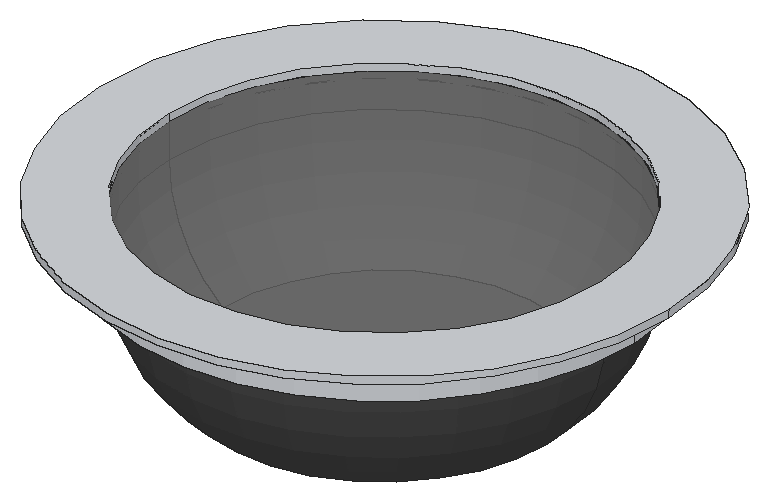
Revit family "3031842 Lighting Fixture_Sylvania_Syl-Lighter II_Ceiling Recessed", category Lighting Fixtures, host Face, Revit 2017
Family settings
  Host = Face
  Round Connector Dimension = Use Diameter
  Part Type = Normal
  OmniClass Number = 23.80.70.11.17
  OmniClass Title = Specialized Lighting by Location or Use
  Cut with Voids When Loaded = No
  Light Source = Yes
  Shared = No
  Room Calculation Point = No
Parameters (values of type "Syl-Lighter LED II 165 RO 12W NW DALI")
  Weight = 0.45 kg
  Wattage = 11.8589 W
  built-in parameter 1150110 = 1 (stored number, unit not read)
  Voltage Comments = "UNV (Universal Voltage; 220-240 Volt)"  # constant formula
  Voltage = 240 V  # constant formula
  URL = "http://www.sylvania-lighting.com"
  built-in parameter 1114217 = 1 (stored number, unit not read)
  Tilt Angle = -90.00°  # constant formula
  built-in parameter 1150109 = 1 (stored number, unit not read)
  built-in parameter 1150134 = 12
  Ta Rating = "-10°C to +40°C"  # constant formula
  built-in parameter 1150113 = 1 (stored number, unit not read)
  Recessed Depth = Height  # 45.0 mm
  IP Rating = "IP44"  # constant formula
  IK Rating = "IK07"  # constant formula
  Energy Class = "A++, A+, A"  # constant formula
  Dimmable = "DALI"  # constant formula
  Catalog Number = "3031842 Syl-Lighter LED II 165 RO 14W NW DALI"
  Body Material = Metal_Sylvania_Syl-Lighter LED II_Silver
  Product Page URL = "http://www.sylvania-lighting.com/product/en-int/products/3031842"
  Product Family = "SYL-LIGHTER LED II"  # constant formula
  Photometry Comments = ""
  Photometric Web File = "3031842.ies"
  built-in parameter 1150105 = 93.106 (stored number, unit not read)
  Lumens = 1170 lm
  built-in parameter 1150115 = 1 (stored number, unit not read)
  built-in parameter 1150137 = (empty or 0)
  built-in parameter 1150139 = (empty or 0)
  Life = "50 000h"  # constant formula
  built-in parameter 1150112 = 1 (stored number, unit not read)
  built-in parameter 1150114 = 1 (stored number, unit not read)
  Lamp Comments = "Integrated LED"
  built-in parameter 1150132 = 2
  built-in parameter 1150102 = (empty or 0)
  built-in parameter 1150107 = 4000 (stored number, unit not read)
  built-in parameter 1150138 = (empty or 0)
  built-in parameter 1150106 = 0.93106 (stored number, unit not read)
  Glow Wire Test = 650 °C  # constant formula
  Emit from Circle Diameter = Diffuser Diameter  # 125.0 mm
  Emit Shape Visible in Rendering = no
  built-in parameter 1150104 = 9.1658 (stored number, unit not read)
  Drive Current = "300mA"
  Dimming Lamp Color Temperature Shift = <None>
  Diffuser Radius = Diffuser Diameter / 2  # 62.5 mm
  Diffuser Diameter = Diameter - 20.0 mm  # 125.0 mm
  Inner Diameter = Diameter - 4.0 mm  # 141.0 mm
  Cutout Diameter = Diameter  # 145.0 mm
  Color Filter = 16777215
  Beam Angle = 74.00°
  built-in parameter 1114218 = 1 (stored number, unit not read)
  built-in parameter 1150133 = 10 (stored number, unit not read)
  Height = 45.0 mm
  Electrical Protection = "CLASS II"  # constant formula
  built-in parameter 1114216 [instance] = 1 (stored number, unit not read)
  Model = "Syl-Lighter LED II 165 RO 14W NW DALI"
  Manufacturer = "Feilo Sylvania"  # constant formula
  Lamp = "LED"
  Diffuser Material = Polycarbonate_Sylvania_Syl-Lighter LED II_Opal
  Description = "Ceiling recessed IP44 LED downlight, perfect where limited ceiling void is available with only 45mm product depth and 145mm cutout. Ideal replacement for 1x26W CFL downlights. The polycarbonate diffuser allows for a wider light distribution and increased spacings between luminiares. Loop in loop out connector allows for quick installation. Die-cast aluminium body, 1170LM, 14W, 84lm/W, 4000K, Driver Current: 300mA, CRI80, 74° beam angle, Dali dimmable LED driver, IP44, IK07, 50,000 hrs (L70), (HxW) 45x165mm, 5 step MacAdam ellipse, 0.38kg, RAL9003, Class 2, 220-240V, energy class: A++, A+, A"  # constant formula
  Default Elevation = 0.0 mm
  built-in parameter 1140040 [instance] = 1
  Assembly Code = "D5020200"
  Apparent Load Comments = ""
  Apparent Load = 14 VA
  Accessory Radius = Accessory Diameter / 2  # 82.5 mm
  Accessory Material = Aluminum_Sylvania_Syl-Lighter LED II_White_RAL 9003
  Diameter = 145.0 mm
  Accessory Diameter = 165.0 mm
Reference planes
  plane 1 "Center (Front/Back)": y = 0
  plane 2: z = 0
  plane 3 "Center (Left/Right)": x = 0
  plane 4 "Fixture Bottom": z = 2
  plane 5: z = -10
  plane 6 "Fixture Top": z = -45
  plane 7: z = -2
Forms (mm)
  Extrusion 1, void
    sketch origin (0, 0, 58) x (-1, 0, 0) y (0, -1, 0)
      loop
        circle (0, 0) r 72.5
    from -171 to -55
  Extrusion 2, solid, detail levels fine
    sketch origin (0, 0, 58) x (-1, 0, 0) y (0, -1, 0)
      loop
        circle (0, 0) r 72.5
      loop
        circle (0, 0) r 70.5
    from -68 to -58
  Extrusion 3, solid, detail levels fine
    sketch origin (0, 0, 58) x (-1, 0, 0) y (0, -1, 0)
      loop
        circle (0, 0) r 82.5
      loop
        circle (0, 0) r 62.5
    from -58 to -56
  Extrusion 4, solid, material "Polycarbonate_Sylvania_Syl-Lighter LED II_Opal" <- "Diffuser Material", detail levels fine
    sketch origin (0, 0, 58) x (-1, 0, 0) y (0, -1, 0)
      loop
        circle (0, 0) r 62.5
    from -60 to -58
  Revolve 5, solid, material "Metal_Sylvania_Syl-Lighter LED II_Silver" <- "Body Material", detail levels fine
    sketch origin (0, 0, 0) x (1, 0, 0) y (0, 0, 1)
      loop
        line (-62.5, 0) -> (-64.5, 0) -> (-64.5, -10)
        arc (-64.5, -10) -> (-60.025, -29.455) -> (-47.5, -45) r 44.529
        line (-47.5, -45) -> (0, -45) -> (0, -43) -> (-46.799, -43)
        arc (-46.799, -43) -> (-58.375, -28.272) -> (-62.5, -10) r 42.529
        line (-62.5, -10) -> (-62.5, 0)
      axis (0, -45) -> (0, 0)
    angle from 0 to 360
  Revolve 6, solid, material "Aluminum_Sylvania_Syl-Lighter LED II_White_RAL 9003" <- "Accessory Material", detail levels coarse+medium
    sketch origin (0, 0, 0) x (1, 0, 0) y (0, 0, 1)
      loop
        line (-82.5, 2) -> (-82.5, 0) -> (-75, 0) -> (-75, -10) -> (-67, -10)
        arc (-67, -10) -> (-62.525, -29.455) -> (-50, -45) r 44.529
        line (-50, -45) -> (0, -45) -> (0, 2) -> (-82.5, 2)
      axis (0, 2) -> (0, -45)
    angle from 0 to 360
Cuts and joins
  joined: Extrusion 2, Extrusion 3
Lines and regions (mm)
  Masking region 1
    outline origin (0, 0, 58) x (-1, 0, 0) y (0, -1, 0)
      loop
        circle (0, 0) r 82.5
  symbolic lines, detail levels fine
    curve 1: arc (-62.5, 0, 58) -> (0, 62.5, 58) -> (62.5, 0, 58) r 62.5
    curve 2: arc (62.5, 0, 58) -> (0, -62.5, 58) -> (-62.5, 0, 58) r 62.5
Dimensions and locks
  locked: plane 4 "Fixture Bottom" to plane 2 at 2
  locked: plane 2 to plane 5 at 10
  "Height": plane 2 to plane 6 "Fixture Top"
  locked: plane 2 to plane 7 at 2
  "Diffuser Radius": plane 3 "Center (Left/Right)" to Revolve 5 sketch curve
  locked: Revolve 5 sketch curve to Revolve 5 sketch curve at 2
  locked: Revolve 5 sketch curve to Revolve 5 sketch curve at 15
  "Accessory Radius": plane 3 "Center (Left/Right)" to Revolve 6 sketch curve
  Revolve 6 sketch curve to Revolve 6 sketch curve to Revolve 6 sketch curve to Revolve 6 sketch curve = 7.5 mm locked, 8.0 mm locked, 17.0 mm locked
  "Cutout Diameter": diameter of Extrusion 1 sketch curve
  "Diameter": diameter of Extrusion 2 sketch curve
  "Inner Diameter": diameter of Extrusion 2 sketch curve
  "Accessory Diameter": diameter of Extrusion 3 sketch curve
  "Diffuser Diameter": diameter of Extrusion 3 sketch curve
  "Diffuser Diameter": diameter of Extrusion 4 sketch curve
  "Accessory Diameter": diameter of Masking region 1 sketch curve
  aligned and locked: host face to plane 2
  aligned and locked: host face to level
  aligned and locked: plane 4 "Fixture Bottom" to Extrusion 3
  aligned and locked: Extrusion 3 to plane 2
  aligned and locked: Extrusion 2 to plane 5
  aligned and locked: plane 2 to Extrusion 2
  aligned and locked: Extrusion 4 to plane 7
  aligned and locked: plane 2 to Extrusion 4
  aligned and locked: Revolve 5 sketch curve to plane 2
  aligned and locked: plane 5 to Revolve 5 sketch curve  (x2)
  aligned and locked: Revolve 5 sketch curve to plane 3 "Center (Left/Right)"
  aligned and locked: plane 3 "Center (Left/Right)" to Revolve 5 sketch curve
  aligned and locked: Revolve 6 sketch curve to plane 5
  aligned and locked: Revolve 6 sketch curve to plane 2
  aligned and locked: Revolve 6 sketch curve to plane 4 "Fixture Bottom"
  aligned and locked: plane 3 "Center (Left/Right)" to Revolve 6 sketch curve
  aligned and locked: Revolve 6 sketch curve to plane 3 "Center (Left/Right)"
  aligned and locked: plane 3 "Center (Left/Right)" to imposter light
  aligned and locked: imposter light to plane 1 "Center (Front/Back)"
  aligned and locked: imposter light to plane 4 "Fixture Bottom"
  aligned and locked: curve 1 to cut or joined group of Extrusion 2, Extrusion 3
Automatic sketch dimensions
  host sketch curve to host sketch curve = 700.0 mm
  host sketch curve to host sketch curve = 620.0 mm
  plane 1 "Center (Front/Back)" to Extrusion 1 sketch curve = 0.0 mm
  Extrusion 1 sketch curve to plane 3 "Center (Left/Right)" = 0.0 mm
  Extrusion 2 sketch curve to Extrusion 2 sketch curve = 0.0 mm  (x2)
  plane 1 "Center (Front/Back)" to Extrusion 2 sketch curve = 0.0 mm
  Extrusion 2 sketch curve to plane 3 "Center (Left/Right)" = 0.0 mm
  Extrusion 3 sketch curve to Extrusion 3 sketch curve = 0.0 mm  (x2)
  plane 1 "Center (Front/Back)" to Extrusion 3 sketch curve = 0.0 mm
  Extrusion 3 sketch curve to plane 3 "Center (Left/Right)" = 0.0 mm
  plane 1 "Center (Front/Back)" to Extrusion 4 sketch curve = 0.0 mm
  Extrusion 4 sketch curve to plane 3 "Center (Left/Right)" = 0.0 mm
  Revolve 5 sketch curve to Revolve 5 sketch curve = 0.0 mm
  Revolve 5 sketch curve to plane 6 "Fixture Top" = 0.0 mm
  plane 6 "Fixture Top" to Revolve 5 sketch curve = 2.0 mm
  Revolve 5 sketch curve to Revolve 5 sketch curve = 17.111 mm
  plane 4 "Fixture Bottom" to Revolve 5 sketch curve = 20.889 mm
  Revolve 6 sketch curve to plane 6 "Fixture Top" = 0.0 mm
  Revolve 6 sketch curve to plane 6 "Fixture Top" = 63.885 mm
  Revolve 6 sketch curve to Revolve 6 sketch curve = 84.115 mm
  plane 1 "Center (Front/Back)" to Masking region 1 sketch curve = 0.0 mm
  Masking region 1 sketch curve to plane 3 "Center (Left/Right)" = 0.0 mm
Connectors
  electrical at (0, 0, -45), driven by "Apparent Load", driven by "Voltage"
    settings: on Revolve 5, index 1, voltage 240 V, apparent load 0 VA, apparent load phase1 14 VA, apparent load phase2 0 VA, apparent load phase3 0 VA, power factor 1, load classification "Lighting", number of poles 1, system type 31, power factor state 1, is connector primary yes, connector utility no, sub classification motor no, connector description ""
